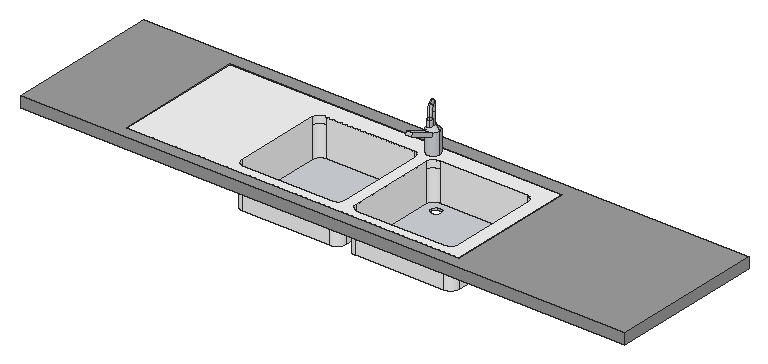
Revit family
Parameters
  thickness = 0.040 m
  length [instance] = 2.348195 m
  Depth [instance] = 0.6096 m
  Height = 0.900 m
  Width [instance] = 0.600 m
  Assembly Code = ""
  2 [instance] = 1.174098 m
  1 [instance] = 1.174098 m
Reference planes (m)
  plane 1: z = 0
  plane 2 "Center (Left/Right)": x = 0.018738
  plane 3 "Left": x = -1.15536
  plane 4 "Right": x = 1.192835
  plane 5 "Front": y = -0.6096
  plane 6 "Top": z = 0.9
  plane 7: y = -0.0096
  plane 8: x = 1.172835
Forms (m)
  Extrusion 1, solid, material "Wood - Cherry"
    sketch origin (0, -0.12, 0) x (1, 0, 0) y (0, 1, 0)
      loop
        line (-1.15536, 0.1104) -> (-1.15536, -0.4896) -> (1.192835, -0.4896) -> (1.192835, 0.1104) -> (-1.15536, 0.1104)
      loop
        line (-0.781262, 0.0604) -> (-0.781262, -0.4396) -> (0.508738, -0.4396) -> (0.508738, 0.0604) -> (-0.781262, 0.0604)
    from 0.9 to 0.86
Dimensions and locks (m)
  "1": plane 2 "Center (Left/Right)" to plane 4 "Right"
  "thickness": Extrusion 1 to Extrusion 1
  "Height": plane 6 "Top" to level
  "Width": plane 5 "Front" to plane 7
  plane 8 to plane 4 "Right" = 0.020 m
  "2": plane 3 "Left" to plane 2 "Center (Left/Right)"
  aligned and locked: plane 1 to level
  aligned: Extrusion 1 sketch curve to plane 3 "Left"
  aligned: plane 4 "Right" to Extrusion 1 sketch curve
  aligned: Extrusion 1 sketch curve to plane 5 "Front"
  aligned and locked: plane 6 "Top" to Extrusion 1
  aligned and locked: plane 5 "Front" to Extrusion 1  (x2)
  aligned and locked: plane 3 "Left" to Extrusion 1
  aligned and locked: Extrusion 1 to plane 4 "Right"
  aligned and locked: Extrusion 1 to plane 7
  aligned and locked: Extrusion 1 to nested 1
  aligned and locked: Extrusion 1 sketch curve to nested 1  (x4)
Automatic sketch dimensions
  plane 7 to Extrusion 1 sketch curve = 0.000 m
Nested families (m)
  nested 1: "sink" at (0.038738, -0.3096, 0.75), type "sink"
Definition of nested family "sink"
  Reference planes (m)
    plane 1 "Center (Front/Back)": y = 0
    plane 2: z = 0
    plane 3 "Center (Left/Right)": x = 0
    plane 4: y = 0.25
    plane 5: y = -0.25
    plane 6: y = -0.22
    plane 7: y = 0.18
    plane 8: x = -0.02
    plane 9: x = 0.02
    plane 10: x = -0.42
    plane 11: x = 0.42
    plane 12: x = -1.62
    plane 13: x = -0.82
    plane 14: x = 0.47
    plane 15 "top": z = 0.15
  Forms (m)
    Extrusion 1, solid, material "steenless"
      sketch origin (0, 0, 0) x (1, 0, 0) y (0, 1, 0)
        loop
          arc (-0.39, 0.18) -> (-0.411213, 0.171213) -> (-0.42, 0.15) r 0.03
          line (-0.42, 0.15) -> (-0.42, -0.19)
          arc (-0.42, -0.19) -> (-0.411213, -0.211213) -> (-0.39, -0.22) r 0.03
          line (-0.39, -0.22) -> (-0.05, -0.22)
          arc (-0.05, -0.22) -> (-0.028787, -0.211213) -> (-0.02, -0.19) r 0.03
          line (-0.02, -0.19) -> (-0.02, 0.15)
          arc (-0.02, 0.15) -> (-0.028787, 0.171213) -> (-0.05, 0.18) r 0.03
          line (-0.05, 0.18) -> (-0.39, 0.18)
        loop
          arc (-0.39, 0.185) -> (-0.414749, 0.174749) -> (-0.425, 0.15) r 0.035
          line (-0.425, 0.15) -> (-0.425, -0.19)
          arc (-0.425, -0.19) -> (-0.414749, -0.214749) -> (-0.39, -0.225) r 0.035
          line (-0.39, -0.225) -> (-0.05, -0.225)
          arc (-0.05, -0.225) -> (-0.025251, -0.214749) -> (-0.015, -0.19) r 0.035
          line (-0.015, -0.19) -> (-0.015, 0.15)
          arc (-0.015, 0.15) -> (-0.025251, 0.174749) -> (-0.05, 0.185) r 0.035
          line (-0.05, 0.185) -> (-0.39, 0.185)
      from 0 to 0.15
    Extrusion 2, solid
      sketch origin (0, 0, 0) x (1, 0, 0) y (0, 1, 0)
        loop
          line (-0.42, 0.15) -> (-0.42, -0.19)
          arc (-0.42, -0.19) -> (-0.411213, -0.211213) -> (-0.39, -0.22) r 0.03
          line (-0.39, -0.22) -> (-0.05, -0.22)
          arc (-0.05, -0.22) -> (-0.028787, -0.211213) -> (-0.02, -0.19) r 0.03
          line (-0.02, -0.19) -> (-0.02, 0.15)
          arc (-0.02, 0.15) -> (-0.028787, 0.171213) -> (-0.05, 0.18) r 0.03
          line (-0.05, 0.18) -> (-0.39, 0.18)
          arc (-0.39, 0.18) -> (-0.411213, 0.171213) -> (-0.42, 0.15) r 0.03
        loop
          circle (-0.076572, 0.130884) r 0.02
      from 0 to 0.005
    Extrusion 3, solid, material "steenless"
      sketch origin (0, 0, 0) x (-1, 0, 0) y (0, -1, 0)
        loop
          line (-0.39, -0.18) -> (-0.05, -0.18)
          arc (-0.05, -0.18) -> (-0.028787, -0.171213) -> (-0.02, -0.15) r 0.03
          line (-0.02, -0.15) -> (-0.02, 0.19)
          arc (-0.02, 0.19) -> (-0.028787, 0.211213) -> (-0.05, 0.22) r 0.03
          line (-0.05, 0.22) -> (-0.39, 0.22)
          arc (-0.39, 0.22) -> (-0.411213, 0.211213) -> (-0.42, 0.19) r 0.03
          line (-0.42, 0.19) -> (-0.42, -0.15)
          arc (-0.42, -0.15) -> (-0.411213, -0.171213) -> (-0.39, -0.18) r 0.03
        loop
          line (-0.39, -0.185) -> (-0.05, -0.185)
          arc (-0.05, -0.185) -> (-0.025251, -0.174749) -> (-0.015, -0.15) r 0.035
          line (-0.015, -0.15) -> (-0.015, 0.19)
          arc (-0.015, 0.19) -> (-0.025251, 0.214749) -> (-0.05, 0.225) r 0.035
          line (-0.05, 0.225) -> (-0.39, 0.225)
          arc (-0.39, 0.225) -> (-0.414749, 0.214749) -> (-0.425, 0.19) r 0.035
          line (-0.425, 0.19) -> (-0.425, -0.15)
          arc (-0.425, -0.15) -> (-0.414749, -0.174749) -> (-0.39, -0.185) r 0.035
      from 0 to 0.15
    Extrusion 4, solid
      sketch origin (0, 0, 0) x (-1, 0, 0) y (0, -1, 0)
        loop
          arc (-0.42, -0.15) -> (-0.411213, -0.171213) -> (-0.39, -0.18) r 0.03
          line (-0.39, -0.18) -> (-0.05, -0.18)
          arc (-0.05, -0.18) -> (-0.028787, -0.171213) -> (-0.02, -0.15) r 0.03
          line (-0.02, -0.15) -> (-0.02, 0.19)
          arc (-0.02, 0.19) -> (-0.028787, 0.211213) -> (-0.05, 0.22) r 0.03
          line (-0.05, 0.22) -> (-0.39, 0.22)
          arc (-0.39, 0.22) -> (-0.411213, 0.211213) -> (-0.42, 0.19) r 0.03
          line (-0.42, 0.19) -> (-0.42, -0.15)
        loop
          circle (-0.076572, -0.130884) r 0.02
      from 0 to 0.005
    Extrusion 5, solid, material "steenless"
      sketch origin (0, 0, 0) x (1, 0, 0) y (0, 1, 0)
        loop
          line (-0.82, 0.25) -> (-0.82, -0.25) -> (0.47, -0.25) -> (0.47, 0.25) -> (-0.82, 0.25)
        loop
          line (-0.42, 0.15) -> (-0.42, -0.19)
          arc (-0.42, -0.19) -> (-0.411213, -0.211213) -> (-0.39, -0.22) r 0.03
          line (-0.39, -0.22) -> (-0.05, -0.22)
          arc (-0.05, -0.22) -> (-0.028787, -0.211213) -> (-0.02, -0.19) r 0.03
          line (-0.02, -0.19) -> (-0.02, 0.15)
          arc (-0.02, 0.15) -> (-0.028787, 0.171213) -> (-0.05, 0.18) r 0.03
          line (-0.05, 0.18) -> (-0.39, 0.18)
          arc (-0.39, 0.18) -> (-0.411213, 0.171213) -> (-0.42, 0.15) r 0.03
        loop
          arc (0.02, -0.19) -> (0.028787, -0.211213) -> (0.05, -0.22) r 0.03
          line (0.05, -0.22) -> (0.39, -0.22)
          arc (0.39, -0.22) -> (0.411213, -0.211213) -> (0.42, -0.19) r 0.03
          line (0.42, -0.19) -> (0.42, 0.15)
          arc (0.42, 0.15) -> (0.411213, 0.171213) -> (0.39, 0.18) r 0.03
          line (0.39, 0.18) -> (0.05, 0.18)
          arc (0.05, 0.18) -> (0.028787, 0.171213) -> (0.02, 0.15) r 0.03
          line (0.02, 0.15) -> (0.02, -0.19)
      from 0.124363 to 0.15
    Extrusion 6, solid
      sketch origin (0, 0, 0.15) x (0, 1, 0) y (-1, 0, 0)
        loop
          circle (0.212291, 0) r 0.025
      from 0 to 0.08
    Extrusion 7, solid
      sketch origin (0, 0.033882, 0.362724) x (-1, 0, 0) y (0, 0.913545, -0.406737)
        loop
          line (0.011249, 0.214088) -> (-0.011833, 0.214088) -> (-0.011833, 0.096027) -> (0.011249, 0.096027) -> (0.011249, 0.214088)
      from 0.058853 to 0.071513
    Blend 8, solid
      base sketch origin (0, 0, 0.15) x (0, 1, 0) y (-1, 0, 0)
        loop
          circle (0.211565, 0) r 0.01
      top sketch origin (0, 0, 0.15) x (0, 1, 0) y (-1, 0, 0)
        loop
          circle (0.211565, 0) r 0.024989
      from 0.096504 to 0.08
    Sweep 9, solid
      path origin (-0.174482, 0.093015, -0.023398) x (0.559193, -0.829038, 0) y (0, 0, 1)
        loop
          line (0.000292, 0.269902) -> (0.000292, 0.320571)
          arc (0.000292, 0.320571) -> (0.009841, 0.349961) -> (0.034841, 0.368124) r 0.05
          line (0.034841, 0.368124) -> (0.102504, 0.390109)
          arc (0.102504, 0.390109) -> (0.12044, 0.387269) -> (0.128685, 0.371088) r 0.02
          line (0.128685, 0.371088) -> (0.128685, 0.358616)
      profile origin (-0.174318, 0.092773, 0.271839) x (-0.559193, 0.829038, 0) y (-0.829038, -0.559193, 0)
        loop
          circle (0.000292, -0.211358) r 0.006
    Extrusion 10, solid
      sketch origin (-0.174482, 0.093015, 0.15) x (0.829038, 0.559193, 0) y (-0.559193, 0.829038, 0)
        loop
          circle (0.211358, -0.128977) r 0.01
      from 0.164927 to 0.185218
  Cuts and joins
    joined: Extrusion 1, Extrusion 3, Extrusion 5
    joined: Extrusion 6, Extrusion 7
  Lines and regions (m)
    symbolic lines
      curve 1: line (-0.446327, 0.15, 0.15) -> (-0.776327, 0.15, 0.15)
      curve 2: line (-0.446327, 0.1, 0.15) -> (-0.776327, 0.1, 0.15)
      curve 3: line (-0.446327, 0.05, 0.15) -> (-0.776327, 0.05, 0.15)
      curve 4: line (-0.446327, 0, 0.15) -> (-0.776327, 0, 0.15)
      curve 5: line (-0.446327, -0.05, 0.15) -> (-0.776327, -0.05, 0.15)
      curve 6: line (-0.446327, -0.1, 0.15) -> (-0.776327, -0.1, 0.15)
      curve 7: line (-0.446327, -0.15, 0.15) -> (-0.776327, -0.15, 0.15)
      curve 8: line (-0.446327, -0.2, 0.15) -> (-0.776327, -0.2, 0.15)
  Dimensions and locks (m)
    aligned and locked: level to plane 2
    aligned and locked: plane 7 to Extrusion 1 sketch curve
    aligned and locked: plane 10 to Extrusion 1 sketch curve
    aligned and locked: Extrusion 1 sketch curve to plane 6
    aligned and locked: Extrusion 1 sketch curve to plane 8
    aligned and locked: Extrusion 5 to Extrusion 1
    aligned and locked: cut or joined group of Extrusion 6, Extrusion 7 to Blend 8
    aligned and locked: Extrusion 10 to Sweep 9
